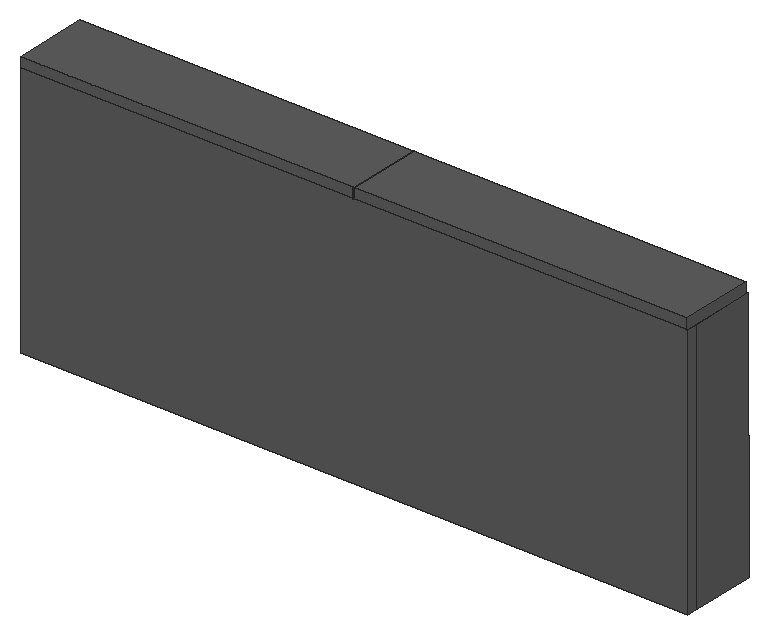
Revit family "WashbasinUnit-120cm-Left-Vitra-OriginSeries-65679+65680+65681", category Furniture Systems, host Face, Revit 2017
Family settings
  Host = Face
  Round Connector Dimension = Use Diameter
  Part Type = Normal
  OmniClass Number = 23.40.00.00
  OmniClass Title = Equipment and Furnishings
  Cut with Voids When Loaded = No
  Shared = Yes
  Room Calculation Point = No
Parameters (values of type "WashbasinUnit-Vitra-OriginSeries-120cm-Left_65679")
  Youtube = "https://www.youtube.com/user/VitrAglobal"
  Weight Net (kg) = "27"
  Warranty Period (Year) = "2"
  Uniformat II Description = "FURNISHINGS"
  Uniformat II Code = "E20"
  Uniclass 2015 Name = "Wash basins, sinks and troughs"
  Uniclass 2015 Code = "Pr_40_20_93"
  Uniclass 2.0 Description = "Bathroom Cabinets"
  Uniclass 2.0 Code = "PR-35-75-08"
  Uniclass 1.4 Description = "Bathroom Cabinets"
  Uniclass 1.4 Code = "L8241"
  URL = "https://vitraglobal.com/"
  UNSPSC Description = "Bathroom Cabinets"
  UNSPSC Code = "301815"
  Technical description = "https://www.vitraglobal.com/pdf/65679/"
  Tap hole Options (default) = ""
  Specification = ""
  Secondary Material = MattWhite
  Region South America = "All"
  Region Oceania = "All"
  Region North America = "All"
  Region Middle East = "All"
  Region Europe = "All"
  Region Asia = "All"
  Region Antarctica = "All"
  Region Africa = "All"
  Product url = "https://www.vitraglobal.com/bathroom-furniture/counters/storage-tables/origin-counter-with-drawer-sku-65679/"
  Product manual = ""
  Product group = "Washbasin Unit"
  Product family = "Origin"
  Product data url = "https://www.bimobject.com/vitra-bathrooms/product/65679-65680-65681"
  Product certification = "https://www.vitraglobal.com/brochures/"
  Product SKU = "65679"
  Product Guid = "https://www.vitraglobal.com/uyeIslem/fileDownload.aspx?udkEnc=jknA0+Tbm/Hm4TOyUwN+8y2DmbYZpN3DgWVixSaqpUl8lHcyJ4riURwxWsHd8AcBDazUBka7BIJo6TEQ9OYqmQ==&lang=en-US"
  Primary Material = Patterned Black Oak
  OmniClass Description = "Bathroom Cabinets"
  OmniClass Code = "23-31 25 13"
  Nominal Width (mm) = 1200 mm
  Nominal Height (mm) = 135 mm
  Nominal Depth (mm) = 480 mm
  NBS Referans Description = "Bathroom Cabinets"
  NBS Referans Code = "35-75-08"
  Mounting type = "Wall-Hung"
  Masterformat 2014 Description = "Bathroom Unit Modules"
  Masterformat 2014 Code = "13 42 13"
  Manufacturer name = "VitrA"
  Manufacturer = "VitrA"
  Main Material = "Wood"
  Installation instructions = "https://www.vitraglobal.com/uyeIslem/fileDownload.aspx?udkEnc=YT1cocbwVf1nhQ2jtuzVLRf+lQtiPzEc0mZ6gFoRvuzyYprAYoFjRTn2tIH66LmL1a1Jq37ROE+33uM/PE7myg==&lang=en-US"
  IFC Classification = "Furniture"
  EAN code = ""
  Design country = "Turkey"
  Description = "Origin Washbasin Unit - 120 cm"
  Default Elevation = 660 mm
  Color = "Matt White/Dore Oak"
  COBIe Type Category = ""
  Brand = "VitrA"
  BIMobject category = "Bathroom compound units"
  Article No. (default) = "65679"
  Accessories (default) = ""
Types (3, lengths in mm): name | Technical description | Product url | Product data url | Product SKU | Primary Material | Description | Color | Article No. (default)
  WashbasinUnit-Vitra-OriginSeries-120cm-Left_65681 | "https://www.vitraglobal.com/pdf/65681/" | "" | "https://www.vitraglobal.com/bathroom-furniture/counters/storage-tables/origin-counter-with-drawer-sku-65681/" | "65681" | Natural Oak | "Origin Washbasin Unit, 120 cm" | "Flat Oak" | "65681"
  WashbasinUnit-Vitra-OriginSeries-120cm-Left_65680 | "https://www.vitraglobal.com/pdf/65680/" | "" | "https://www.vitraglobal.com/bathroom-furniture/counters/storage-tables/origin-counter-with-drawer-sku-65680/" | "65680" | Elm | "Origin Washbasin Unit, 120 cm" | "Elm" | "65680"
  WashbasinUnit-Vitra-OriginSeries-120cm-Left_65679 | "https://www.vitraglobal.com/pdf/65679/" | "https://www.vitraglobal.com/bathroom-furniture/counters/storage-tables/origin-counter-with-drawer-sku-65679/" | "https://www.bimobject.com/vitra-bathrooms/product/65679-65680-65681" | "65679" | Patterned Black Oak | "Origin Washbasin Unit - 120 cm" | "Matt White/Dore Oak" | "65679"
Reference planes
  plane 1 "Center (Front/Back)": y = 0
  plane 2: z = 0
  plane 3 "Center (Left/Right)": x = -8.77
  plane 4: x = 454.576
  plane 5: x = -745.424
  plane 6: y = 0.372
  plane 7: y = 135.372
  plane 8: z = 480
Forms (mm)
  Extrusion 1, solid, material "Patterned Black Oak" <- "Primary Material", detail levels fine
    sketch origin (-279.424, -0.624, 231.903) x (0, 0, 1) y (1, 0, 0)
      loop
        line (229.097, -466) -> (229.097, 734) -> (-228.5, 734) -> (-228.5, -466) -> (229.097, -466)
    from 0.997 to 17.997
  Extrusion 2, solid, material "Patterned Black Oak" <- "Primary Material", detail levels fine
    sketch origin (-295.424, 135.372, 232.403) x (0, 0, -1) y (1, 0, 0)
      loop
        line (229, -450) -> (229, -434) -> (-228.597, -434) -> (-228.597, -450) -> (229, -450)
      loop
        line (-228.597, 750) -> (-228.597, 734) -> (229, 734) -> (229, 750) -> (-228.597, 750)
    from 0 to 118
  Extrusion 3, solid, material "Patterned Black Oak" <- "Primary Material", detail levels fine
    sketch origin (-292.424, 133.372, 469.903) x (0, 0, -1) y (1, 0, 0)
      loop
        line (-10.097, -453) -> (8.903, -453) -> (8.903, 745) -> (-10.097, 745) -> (-10.097, -453)
    from 0 to 133
  Extrusion 4, solid, material "Patterned Black Oak" <- "Primary Material", detail levels fine
    sketch origin (-279.424, 134.372, 410.403) x (0, 0, 1) y (1, 0, 0)
      loop
        line (-49.403, -450) -> (50.597, -450) -> (50.597, 718) -> (-49.403, 718) -> (-49.403, -450)
      loop
        line (-307, 718) -> (-407, 718) -> (-407, -450) -> (-307, -450) -> (-307, 718)
    from 0 to -15.924
  Extrusion 5, solid, material "Patterned Black Oak" <- "Primary Material", detail levels fine
    sketch origin (277.479, 133.372, 469.903) x (0, 0, -1) y (1, 0, 0)
      loop
        line (-10.097, -422.903) -> (-10.097, -425.497) -> (8.903, -425.497) -> (8.903, -422.903) -> (-10.097, -422.903)
    from 0 to 133
  Extrusion 6, solid, detail levels coarse+medium
    sketch origin (0, 0, 0) x (1, 0, 0) y (0, 1, 0)
      loop
        line (454.576, 145.372) -> (-745.424, 145.372) -> (-745.424, 0.372) -> (454.576, 0.372) -> (454.576, 145.372)
    from 0 to 480
  Extrusion 7, void
    sketch origin (0, 0, 0) x (1, 0, 0) y (0, 1, 0)
      loop
        line (454.576, 145.372) -> (-745.424, 145.372) -> (-745.424, 0.372) -> (454.576, 0.372) -> (454.576, 145.372)
    from 480 to 954.713
Dimensions and locks
  "Nominal Height (mm)": plane 7 to plane 6
  plane 5 to plane 4 = 1200 mm
  "Nominal Width (mm)": plane 5 to plane 4
  "Nominal Depth (mm)": host face to plane 8
  Extrusion 7 to Extrusion 7 = 474.713 mm
  aligned and locked: plane 2 to host face
  aligned and locked: level to host face
  aligned and locked: Extrusion 2 to Extrusion 1
  aligned and locked: Extrusion 1 to Extrusion 3  (x2)
  aligned and locked: Extrusion 4 to Extrusion 2  (x2)
  aligned and locked: Extrusion 6 to Extrusion 1  (x2)
  aligned and locked: Extrusion 7 sketch curve to Extrusion 6  (x2)
  aligned and locked: Extrusion 7 to Extrusion 3
Automatic sketch dimensions
  host sketch curve to host sketch curve = 2438.4 mm  (x2)
  plane 5 to Extrusion 1 sketch curve = 0 mm
  plane 4 to Extrusion 1 sketch curve = 0 mm
  level to Extrusion 1 sketch curve = 3.403 mm
  plane 8 to Extrusion 1 sketch curve = 19 mm
  plane 5 to Extrusion 2 sketch curve = 0 mm
  plane 4 to Extrusion 2 sketch curve = 0 mm
  plane 8 to Extrusion 2 sketch curve = 19 mm  (x2)
  level to Extrusion 2 sketch curve = 3.403 mm  (x2)
  Extrusion 2 sketch curve to plane 5 = 16 mm
  Extrusion 2 sketch curve to Extrusion 2 sketch curve = 16 mm
  Extrusion 3 sketch curve to plane 8 = 0 mm
  plane 5 to Extrusion 3 sketch curve = 0 mm
  plane 4 to Extrusion 3 sketch curve = 2 mm
  plane 8 to Extrusion 3 sketch curve = 19 mm
  level to Extrusion 4 sketch curve = 3.403 mm
  plane 4 to Extrusion 4 sketch curve = 16 mm  (x2)
  Extrusion 4 sketch curve to Extrusion 4 sketch curve = 100 mm
  plane 8 to Extrusion 4 sketch curve = 119 mm
  plane 8 to Extrusion 4 sketch curve = 19 mm
  Extrusion 4 sketch curve to plane 5 = 16 mm  (x2)
  Extrusion 5 sketch curve to plane 8 = 0 mm
  plane 8 to Extrusion 5 sketch curve = 19 mm
  Extrusion 5 sketch curve to plane 3 "Center (Left/Right)" = 139.249 mm
  Extrusion 5 sketch curve to Extrusion 5 sketch curve = 2.594 mm
  Extrusion 6 sketch curve to plane 5 = 0 mm
  Extrusion 6 sketch curve to plane 4 = 0 mm
  Extrusion 6 sketch curve to plane 6 = 0 mm
  plane 7 to Extrusion 6 sketch curve = 10 mm
  Extrusion 7 sketch curve to plane 6 = 0 mm
  plane 7 to Extrusion 7 sketch curve = 10 mm
